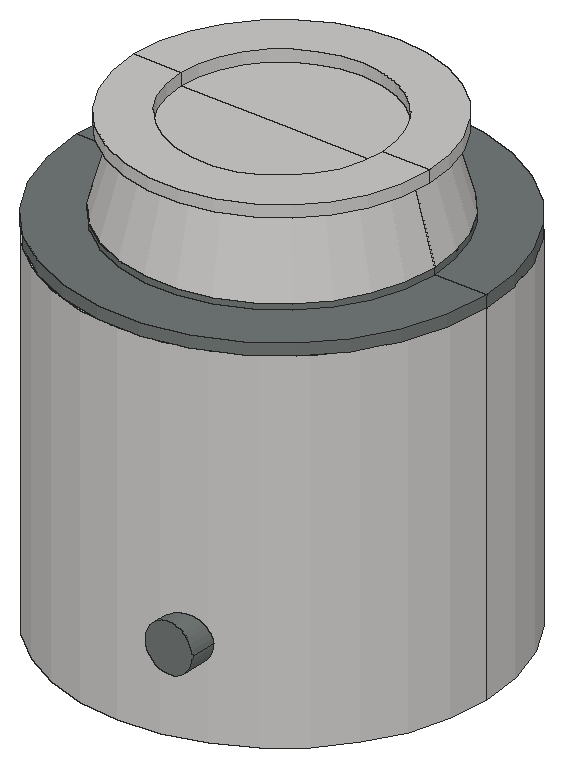
Revit family "QF_Vollrath 72430", category Specialty Equipment, Revit 2016
Family settings
  Part Type = Normal
  Round Connector Dimension = Use Diameter
  OmniClass Number = 23.40.40.11.21
  OmniClass Title = Hot Cabinets
  Work Plane-Based = No
  Always vertical = Yes
  Cut with Voids When Loaded = No
  Shared = No
  Room Calculation Point = No
Parameters (values of type "--")
  Width = 8.75"
  Weight in Pounds = 7.32
  Watts = 1450 W
  Watermarked By = "http://revitwatermark.com"
  Volts = 120 V
  URL Cutsheet = ""
  URL = "www.vollrathco.com"
  Status [instance] = ""
  Specification by User [instance] = ""
  Specification by Manufacturer = ""
  Serial Number [instance] = ""
  Seismic Rating [instance] = ""
  SMACNA No [instance] = ""
  Revision Code [instance] = ""
  Phase = 1
  Number of Poles [instance] = 1
  NAFEM Spec ID Number [instance] = ""
  Model = "72430"
  Masterspec = ""
  Manufacturer = "Vollrath"
  Item Number [instance] = ""
  Installed By [instance] = ""
  Height AFF [instance] = 18.75"
  Height [instance] = 7.88"
  Furnished By [instance] = ""
  Foodservice Equipment Identifier [instance] = yes
  FL Amps = 12 A
  Electrical Remarks [instance] = ""
  Electric Connection Type [instance] = ""
  Elec Conn RI Height [instance] = 0.00"
  Elec Conn Connection Height = 2.00"
  Description = "Warmer, Food Electric"
  Depth = 8.75"
  Cycle = 60 Hz
  Conn Plug = "NEMA 5-20P"
  CSI MasterFormat = "11 42 13"
  Assembly Code = "E1090320"
  Apparent Power = if(Phase = 3, Volts * FL Amps * 1.73, Volts * FL Amps)  # 1440 VA
Reference planes (in)
  plane 1: z = 0
  plane 2 "LEFT": x = 48
  plane 3 "BACK": y = -48
  plane 4 "BOTTOM": z = 18.75
  plane 5 "RIGHT": x = 56.75
  plane 6 "FRONT": y = -56.75
  plane 7: z = 26.5796
  plane 8 "TOP": z = 26.63
  plane 9: x = 58.52988
  plane 10: x = 50.8266
  plane 11: x = 50.99693
  plane 12: y = -65.45189
  plane 13: y = -65.50549
  plane 14: y = -66.38049
  plane 15: y = -66.44549
  plane 16: x = 56.69695
  plane 17: x = 52.375
  plane 18 "123": y = -52.375
Forms (in)
  Extrusion 1, solid, material "QF_Finishes_Stainless Steel", not visible
    sketch origin (0, -75.61667, 13.94238) x (-1, 0, 0) y (0, 0.422618, 0.906308)
      loop
        line (-61.50401, 16.83949) -> (-49.55058, 16.83949) -> (-49.55058, 21.54291) -> (-61.50401, 21.54291) -> (-61.50401, 16.83949)
      loop
        circle (-51.11798, 19.07879) r 1.25
      loop
        circle (-51.11798, 19.07879) r 1
      loop
        line (-54.03077, 21.06689) -> (-57.03077, 21.06689) -> (-57.03077, 20.31689) -> (-54.03077, 20.31689) -> (-54.03077, 21.06689)
      loop
        circle (-54.03077, 17.5068) r 0.25
      loop
        circle (-56.78077, 17.5068) r 0.25
    from 0 to 0.68909
  Extrusion 2, solid, material "QF_Finishes_Black", not visible
    sketch origin (0, -75.54289, 2.05167) x (-1, 0, 0) y (0, 0.422618, 0.906308)
      loop
        circle (-51.11798, 29.82425) r 1.25
      loop
        circle (-51.11798, 29.82425) r 1
    from -5.0921 to -4.40301
  Extrusion 3, solid, material "QF_Finishes_Black", not visible
    sketch origin (0, -75.78725, 14.03463) x (-1, 0, 0) y (0, 0.406737, 0.913545)
      loop
        line (-57.03077, 21.03676) -> (-57.03077, 20.35703) -> (-54.03077, 20.35703) -> (-54.03077, 21.03676) -> (-57.03077, 21.03676)
      loop
        circle (-54.03077, 17.5068) r 0.25
      loop
        circle (-56.78077, 17.5068) r 0.25
    from 0.54411 to 1.25
  Extrusion 4, solid, material "QF_Finishes_Dark Grey", not visible
    sketch origin (0, -70.09177, 5.66795) x (-1, 0, 0) y (0, 0.422618, 0.906308)
      loop
        circle (-52.11896, 26.29929) r 0.25
      loop
        circle (-53.36896, 26.29929) r 0.25
      loop
        circle (-54.61896, 26.29929) r 0.25
      loop
        circle (-55.86896, 26.29929) r 0.25
      loop
        circle (-57.11896, 26.29929) r 0.25
      loop
        circle (-58.36896, 26.29929) r 0.25
    from 7.45399 to 7.92109
  Extrusion 5, solid, material "QF_Finishes_Stainless Steel", not visible
    sketch origin (0, -61.5, 0) x (-1, 0, 0) y (0, 0, 1)
      loop
        circle (-49.14244, 32.63817) r 0.1236
    from 0 to 12
  Extrusion 6, solid, material "QF_Finishes_Stainless Steel", not visible
    sketch origin (24.25, -61.5, 0) x (-1, 0, 0) y (0, 0, 1)
      loop
        circle (-49.14244, 32.63817) r 0.1236
    from 0 to 12
  Extrusion 7, solid, material "QF_Finishes_Stainless Steel", not visible
    sketch origin (0.75781, -61.5, 0) x (-1, 0, 0) y (0, 0, 1)
      loop
        circle (-49.14244, 32.63817) r 0.1236
    from 0 to 12
  Extrusion 8, solid, material "QF_Finishes_Stainless Steel", not visible
    sketch origin (1.51562, -61.5, 0) x (-1, 0, 0) y (0, 0, 1)
      loop
        circle (-49.14244, 32.63817) r 0.1236
    from 0 to 12
  Extrusion 9, solid, material "QF_Finishes_Stainless Steel", not visible
    sketch origin (2.27344, -61.5, 0) x (-1, 0, 0) y (0, 0, 1)
      loop
        circle (-49.14244, 32.63817) r 0.1236
    from 0 to 12
  Extrusion 10, solid, material "QF_Finishes_Stainless Steel", not visible
    sketch origin (3.03125, -61.5, 0) x (-1, 0, 0) y (0, 0, 1)
      loop
        circle (-49.14244, 32.63817) r 0.1236
    from 0 to 12
  Extrusion 11, solid, material "QF_Finishes_Stainless Steel", not visible
    sketch origin (3.78906, -61.5, 0) x (-1, 0, 0) y (0, 0, 1)
      loop
        circle (-49.14244, 32.63817) r 0.1236
    from 0 to 12
  Extrusion 12, solid, material "QF_Finishes_Stainless Steel", not visible
    sketch origin (4.54687, -61.5, 0) x (-1, 0, 0) y (0, 0, 1)
      loop
        circle (-49.14244, 32.63817) r 0.1236
    from 0 to 12
  Extrusion 13, solid, material "QF_Finishes_Stainless Steel", not visible
    sketch origin (5.30469, -61.5, 0) x (-1, 0, 0) y (0, 0, 1)
      loop
        circle (-49.14244, 32.63817) r 0.1236
    from 0 to 12
  Extrusion 14, solid, material "QF_Finishes_Stainless Steel", not visible
    sketch origin (6.0625, -61.5, 0) x (-1, 0, 0) y (0, 0, 1)
      loop
        circle (-49.14244, 32.63817) r 0.1236
    from 0 to 12
  Extrusion 15, solid, material "QF_Finishes_Stainless Steel", not visible
    sketch origin (6.82031, -61.5, 0) x (-1, 0, 0) y (0, 0, 1)
      loop
        circle (-49.14244, 32.63817) r 0.1236
    from 0 to 12
  Extrusion 16, solid, material "QF_Finishes_Stainless Steel", not visible
    sketch origin (7.57812, -61.5, 0) x (-1, 0, 0) y (0, 0, 1)
      loop
        circle (-49.14244, 32.63817) r 0.1236
    from 0 to 12
  Extrusion 17, solid, material "QF_Finishes_Stainless Steel", not visible
    sketch origin (8.33594, -61.5, 0) x (-1, 0, 0) y (0, 0, 1)
      loop
        circle (-49.14244, 32.63817) r 0.1236
    from 0 to 12
  Extrusion 18, solid, material "QF_Finishes_Stainless Steel", not visible
    sketch origin (9.09375, -61.5, 0) x (-1, 0, 0) y (0, 0, 1)
      loop
        circle (-49.14244, 32.63817) r 0.1236
    from 0 to 12
  Extrusion 19, solid, material "QF_Finishes_Stainless Steel", not visible
    sketch origin (9.85156, -61.5, 0) x (-1, 0, 0) y (0, 0, 1)
      loop
        circle (-49.14244, 32.63817) r 0.1236
    from 0 to 12
  Extrusion 20, solid, material "QF_Finishes_Stainless Steel", not visible
    sketch origin (10.60937, -61.5, 0) x (-1, 0, 0) y (0, 0, 1)
      loop
        circle (-49.14244, 32.63817) r 0.1236
    from 0 to 12
  Extrusion 21, solid, material "QF_Finishes_Stainless Steel", not visible
    sketch origin (11.36719, -61.5, 0) x (-1, 0, 0) y (0, 0, 1)
      loop
        circle (-49.14244, 32.63817) r 0.1236
    from 0 to 12
  Extrusion 22, solid, material "QF_Finishes_Stainless Steel", not visible
    sketch origin (12.125, -61.5, 0) x (-1, 0, 0) y (0, 0, 1)
      loop
        circle (-49.14244, 32.63817) r 0.1236
    from 0 to 12
  Extrusion 23, solid, material "QF_Finishes_Stainless Steel", not visible
    sketch origin (12.88281, -61.5, 0) x (-1, 0, 0) y (0, 0, 1)
      loop
        circle (-49.14244, 32.63817) r 0.1236
    from 0 to 12
  Extrusion 24, solid, material "QF_Finishes_Stainless Steel", not visible
    sketch origin (13.64062, -61.5, 0) x (-1, 0, 0) y (0, 0, 1)
      loop
        circle (-49.14244, 32.63817) r 0.1236
    from 0 to 12
  Extrusion 25, solid, material "QF_Finishes_Stainless Steel", not visible
    sketch origin (14.39844, -61.5, 0) x (-1, 0, 0) y (0, 0, 1)
      loop
        circle (-49.14244, 32.63817) r 0.1236
    from 0 to 12
  Extrusion 26, solid, material "QF_Finishes_Stainless Steel", not visible
    sketch origin (15.15625, -61.5, 0) x (-1, 0, 0) y (0, 0, 1)
      loop
        circle (-49.14244, 32.63817) r 0.1236
    from 0 to 12
  Extrusion 27, solid, material "QF_Finishes_Stainless Steel", not visible
    sketch origin (15.91406, -61.5, 0) x (-1, 0, 0) y (0, 0, 1)
      loop
        circle (-49.14244, 32.63817) r 0.1236
    from 0 to 12
  Extrusion 28, solid, material "QF_Finishes_Stainless Steel", not visible
    sketch origin (16.67187, -61.5, 0) x (-1, 0, 0) y (0, 0, 1)
      loop
        circle (-49.14244, 32.63817) r 0.1236
    from 0 to 12
  Extrusion 29, solid, material "QF_Finishes_Stainless Steel", not visible
    sketch origin (17.42969, -61.5, 0) x (-1, 0, 0) y (0, 0, 1)
      loop
        circle (-49.14244, 32.63817) r 0.1236
    from 0 to 12
  Extrusion 30, solid, material "QF_Finishes_Stainless Steel", not visible
    sketch origin (18.1875, -61.5, 0) x (-1, 0, 0) y (0, 0, 1)
      loop
        circle (-49.14244, 32.63817) r 0.1236
    from 0 to 12
  Extrusion 31, solid, material "QF_Finishes_Stainless Steel", not visible
    sketch origin (18.94531, -61.5, 0) x (-1, 0, 0) y (0, 0, 1)
      loop
        circle (-49.14244, 32.63817) r 0.1236
    from 0 to 12
  Extrusion 32, solid, material "QF_Finishes_Stainless Steel", not visible
    sketch origin (19.70312, -61.5, 0) x (-1, 0, 0) y (0, 0, 1)
      loop
        circle (-49.14244, 32.63817) r 0.1236
    from 0 to 12
  Extrusion 33, solid, material "QF_Finishes_Stainless Steel", not visible
    sketch origin (20.46094, -61.5, 0) x (-1, 0, 0) y (0, 0, 1)
      loop
        circle (-49.14244, 32.63817) r 0.1236
    from 0 to 12
  Extrusion 34, solid, material "QF_Finishes_Stainless Steel", not visible
    sketch origin (21.21875, -61.5, 0) x (-1, 0, 0) y (0, 0, 1)
      loop
        circle (-49.14244, 32.63817) r 0.1236
    from 0 to 12
  Extrusion 35, solid, material "QF_Finishes_Stainless Steel", not visible
    sketch origin (21.97656, -61.5, 0) x (-1, 0, 0) y (0, 0, 1)
      loop
        circle (-49.14244, 32.63817) r 0.1236
    from 0 to 12
  Extrusion 36, solid, material "QF_Finishes_Stainless Steel", not visible
    sketch origin (22.73437, -61.5, 0) x (-1, 0, 0) y (0, 0, 1)
      loop
        circle (-49.14244, 32.63817) r 0.1236
    from 0 to 12
  Extrusion 37, solid, material "QF_Finishes_Stainless Steel", not visible
    sketch origin (23.49219, -61.5, 0) x (-1, 0, 0) y (0, 0, 1)
      loop
        circle (-49.14244, 32.63817) r 0.1236
    from 0 to 12
  Extrusion 38, solid, material "QF_Finishes_Stainless Steel", not visible
    sketch origin (0, -63.31853, -5.50809) x (1, 0, 0) y (0, 0.5, 0.866025)
      loop
        line (51.72615, 27.93) -> (51.72615, 25.68) -> (67.6666, 25.68) -> (67.6666, 27.93) -> (51.72615, 27.93)
      loop
        line (51.88615, 27.77623) -> (51.88615, 25.78901) -> (67.52615, 25.78901) -> (67.52615, 27.77623) -> (51.88615, 27.77623)
    from 18.14569 to 18.5
  Extrusion 39, solid, material "QF_Finishes_Chrome", not visible
    sketch origin (0, -63.31853, -5.50809) x (1, 0, 0) y (0, 0.5, 0.866025)
      loop
        line (51.72615, 27.77623) -> (51.72615, 25.78901) -> (67.52615, 25.78901) -> (67.52615, 27.77623) -> (51.72615, 27.77623)
      loop
        line (51.89648, 27.66901) -> (51.89648, 25.91901) -> (67.36947, 25.91901) -> (67.36947, 27.66901) -> (51.89648, 27.66901)
    from 18.14569 to 18.5
  Extrusion 40, solid, material "QF_Finishes_Stainless Steel", not visible
    sketch origin (3, -63.31853, -5.50809) x (1, 0, 0) y (0, 0.5, 0.866025)
      loop
        line (55.07331, 27.05441) -> (55.07331, 26.55441) -> (56.82331, 26.55441) -> (56.82331, 27.05441) -> (55.07331, 27.05441)
      loop
        circle (53.94695, 26.80981) r 0.25
      loop
        circle (57.87771, 26.79276) r 0.25
      loop
        circle (59.12771, 26.79276) r 0.25
    from 18.14569 to 18.5
  Extrusion 41, solid, material "QF_Finishes_Stainless Steel", not visible
    sketch origin (0, -63.31853, -5.50809) x (1, 0, 0) y (0, 0.5, 0.866025)
      loop
        circle (56.94695, 26.80981) r 0.25
      loop
        circle (60.87771, 26.79276) r 0.25
      loop
        line (58.07331, 27.05441) -> (58.07331, 26.55441) -> (59.82331, 26.55441) -> (59.82331, 27.05441) -> (58.07331, 27.05441)
      loop
        circle (62.12771, 26.79276) r 0.25
    from 18.14569 to 18.5
  Extrusion 42, solid, material "QF_Finishes_Dark Grey", not visible
    sketch origin (0, -63.81619, -5.29253) x (1, 0, 0) y (0, 0.5, 0.866025)
      loop
        line (51.72615, 25.98116) -> (67.36947, 25.98116) -> (67.36947, 27.73116) -> (51.72615, 27.73116) -> (51.72615, 25.98116)
      loop
        circle (62.11833, 26.8549) r 0.25
      loop
        circle (60.86833, 26.8549) r 0.25
      loop
        line (59.81393, 26.61655) -> (59.81393, 27.11655) -> (58.06393, 27.11655) -> (58.06393, 26.61655) -> (59.81393, 26.61655)
      loop
        circle (56.93757, 26.87196) r 0.25
    from 17.96123 to 17.60693
  Revolve 43, solid, material "QF_Finishes_Stainless Steel"
    sketch origin (0, -52.375, 0) x (1, 0, 0) y (0, 0, 1)
      loop
        line (52.375, 18.75) -> (56.75, 18.75) -> (56.75, 26.255) -> (56.10048, 26.255) -> (56.10048, 19.31933) -> (52.375, 19.31933) -> (52.375, 18.75)
      axis (52.375, 18.75) -> (52.375, 26.255)
    angle from 0 to 360
  Revolve 44, solid, material "QF_Finishes_Black"
    sketch origin (0, -52.375, 0) x (-1, 0, 0) y (0, 0, 1)
      loop
        line (-55.25, 26.255) -> (-55.25, 26.63) -> (-55.63373, 26.63) -> (-55.63373, 26.505) -> (-56.75, 26.505) -> (-56.75, 26.255) -> (-55.25, 26.255)
      axis (-52.375, 26.255) -> (-52.375, 26.63)
    angle from 0 to 360
  Extrusion 45, solid, material "QF_Finishes_Black"
    sketch origin (0, -48, 0) x (1, 0, 0) y (0, 0, 1)
      loop
        circle (53.61592, 20.65167) r 0.5
    from 8.3798 to 8.94097
  Revolve 46, solid, material "QF_Finishes_Stainless Steel"
    sketch origin (0, -52.375, 0) x (-1, 0, 0) y (0, 0, 1)
      loop
        line (-55.63373, 26.63) -> (-52.375, 26.63) -> (-52.375, 28.21468) -> (-54.52845, 28.21468) -> (-54.52845, 28.46468) -> (-55.52845, 28.46468) -> (-55.52845, 28.21468) -> (-55.17933, 28.21468) -> (-55.63373, 26.63)
      axis (-52.375, 26.63) -> (-52.375, 28.46468)
    angle from 0 to 360
Lines and regions (in)
  symbolic lines
    curve 1: arc (56.75, -52.375, 0) -> (52.375, -48, 0) -> (48, -52.375, 0) r 4.375
    curve 2: arc (56.10048, -52.375, 0) -> (52.375, -48.64952, 0) -> (48.64952, -52.375, 0) r 3.72548
    curve 3: arc (48.64952, -52.375, 0) -> (52.375, -56.10048, 0) -> (56.10048, -52.375, 0) r 3.72548
    curve 4: arc (48, -52.375, 0) -> (52.375, -56.75, 0) -> (56.75, -52.375, 0) r 4.375
    curve 5: arc (50.22155, -52.375, 0) -> (52.375, -50.22155, 0) -> (54.52845, -52.375, 0) r 2.15345
    curve 6: arc (54.52845, -52.375, 0) -> (52.375, -54.52845, 0) -> (50.22155, -52.375, 0) r 2.15345
Dimensions and locks (in)
  "Height AFF": plane 4 "BOTTOM" to level
  "Depth": plane 6 "FRONT" to plane 3 "BACK"
  "Height": plane 8 "TOP" to plane 4 "BOTTOM"
  equal spacing: plane 6 "FRONT", plane 18 "123", plane 3 "BACK"
  equal spacing: plane 2 "LEFT", plane 17, plane 5 "RIGHT"
  "Width": plane 2 "LEFT" to plane 5 "RIGHT"
  aligned and locked: level to plane 1
  aligned and locked: Extrusion 2 sketch curve to Extrusion 1  (x4)
  aligned and locked: Extrusion 39 sketch curve to Extrusion 38
  aligned and locked: Extrusion 38 to Extrusion 39 sketch curve
  aligned and locked: Extrusion 41 sketch curve to Extrusion 40  (x2)
  aligned and locked: Extrusion 39 to Extrusion 42 sketch curve
  aligned and locked: Extrusion 42 sketch curve to Extrusion 39
  aligned and locked: Extrusion 41 to Extrusion 42 sketch curve
  aligned and locked: Extrusion 42 sketch curve to Extrusion 41
  aligned and locked: Extrusion 42 to Extrusion 39
  aligned and locked: Extrusion 39 to plane 15
  aligned and locked: Extrusion 42 to plane 14
  aligned and locked: plane 12 to Extrusion 39
  aligned and locked: plane 13 to Extrusion 42
Automatic sketch dimensions
  Extrusion 1 sketch curve to Extrusion 1 sketch curve = 0.00"  (x5)
  Extrusion 1 sketch curve to Extrusion 1 sketch curve = 4.47324"
  Extrusion 1 sketch curve to Extrusion 1 sketch curve = 0.25"
  Extrusion 1 sketch curve to Extrusion 1 sketch curve = 3.00"
  Extrusion 1 sketch curve to Extrusion 1 sketch curve = 2.75"
  Extrusion 1 sketch curve to Extrusion 1 sketch curve = 1.56739"
  Extrusion 1 sketch curve to Extrusion 1 sketch curve = 0.66732"
  Extrusion 1 sketch curve to Extrusion 1 sketch curve = 2.2393"
  Extrusion 1 sketch curve to Extrusion 1 sketch curve = 2.81008"
  Extrusion 1 sketch curve to Extrusion 1 sketch curve = 0.75"
  Extrusion 3 sketch curve to Extrusion 3 sketch curve = 3.00"
  Extrusion 1 sketch curve to Extrusion 1 sketch curve = 2.46412"
  Extrusion 3 sketch curve to Extrusion 3 sketch curve = 0.00"  (x6)
  Extrusion 3 sketch curve to Extrusion 3 sketch curve = 0.25"  (x2)
  Extrusion 3 sketch curve to Extrusion 3 sketch curve = 2.25"
  Extrusion 3 sketch curve to Extrusion 3 sketch curve = 2.85023"
  Extrusion 3 sketch curve to Extrusion 3 sketch curve = 0.67973"
  Extrusion 1 sketch curve to Extrusion 1 sketch curve = 2.9128"
  Extrusion 4 sketch curve to Extrusion 4 sketch curve = 1.25"  (x5)
  Extrusion 4 sketch curve to Extrusion 4 sketch curve = 0.00"  (x5)
  Extrusion 38 sketch curve to Extrusion 38 sketch curve = 0.10901"
  Extrusion 38 sketch curve to Extrusion 38 sketch curve = 1.98721"
  Extrusion 38 sketch curve to Extrusion 38 sketch curve = 0.15377"
  Extrusion 39 sketch curve to Extrusion 39 sketch curve = 0.17033"
  Extrusion 39 sketch curve to Extrusion 39 sketch curve = 0.13"
  Extrusion 39 sketch curve to Extrusion 39 sketch curve = 0.10721"
  Extrusion 40 sketch curve to Extrusion 40 sketch curve = 1.12636"
  Extrusion 40 sketch curve to Extrusion 40 sketch curve = 1.75"
  Extrusion 40 sketch curve to Extrusion 40 sketch curve = 1.0544"
  Extrusion 40 sketch curve to Extrusion 40 sketch curve = 1.25"
  Extrusion 40 sketch curve to Extrusion 40 sketch curve = 0.23835"
  Extrusion 40 sketch curve to Extrusion 40 sketch curve = 0.00"
  Extrusion 40 sketch curve to Extrusion 40 sketch curve = 0.25541"
  Extrusion 40 sketch curve to Extrusion 40 sketch curve = 0.50"
  Extrusion 38 sketch curve to Extrusion 38 sketch curve = 0.16"
  Extrusion 38 sketch curve to Extrusion 38 sketch curve = 15.64"
  Extrusion 38 sketch curve to Extrusion 38 sketch curve = 0.14045"
  Extrusion 39 sketch curve to Extrusion 39 sketch curve = 15.473"
  Extrusion 39 sketch curve to Extrusion 39 sketch curve = 0.15668"
  Extrusion 42 sketch curve to Extrusion 42 sketch curve = 4.96142"
  Extrusion 42 sketch curve to Extrusion 42 sketch curve = 5.00115"
  Extrusion 42 sketch curve to plane 9 = 0.46596"
  Extrusion 42 sketch curve to Extrusion 42 sketch curve = 0.8044"
  Extrusion 42 sketch curve to Extrusion 42 sketch curve = 0.87636"
  Extrusion 42 sketch curve to Extrusion 42 sketch curve = 0.25"  (x3)
  plane 9 to Extrusion 42 sketch curve = 1.28404"
  Extrusion 42 sketch curve to Extrusion 42 sketch curve = 0.75"
  Extrusion 42 sketch curve to Extrusion 42 sketch curve = 0.23835"
  Extrusion 42 sketch curve to Extrusion 42 sketch curve = 0.00"
  Extrusion 42 sketch curve to Extrusion 42 sketch curve = 0.24459"
  Extrusion 41 sketch curve to plane 9 = 0.45657"
  Extrusion 41 sketch curve to Extrusion 41 sketch curve = 0.8044"
  Extrusion 41 sketch curve to Extrusion 41 sketch curve = 0.00"  (x7)
  Extrusion 41 sketch curve to Extrusion 41 sketch curve = 0.87636"
  Extrusion 41 sketch curve to Extrusion 41 sketch curve = 0.25"  (x3)
  plane 9 to Extrusion 41 sketch curve = 1.29343"
  Extrusion 41 sketch curve to Extrusion 41 sketch curve = 0.75"
  Extrusion 41 sketch curve to Extrusion 41 sketch curve = 0.23835"
  Extrusion 41 sketch curve to Extrusion 41 sketch curve = 0.24459"
  curve 1 to curve 2 = 0.00"
  curve 1 to curve 3 = 0.00"
  curve 1 to plane 2 "LEFT" = 0.00"
  curve 3 to plane 18 "123" = 0.00"
  curve 3 to plane 17 = 0.00"
  plane 2 "LEFT" to curve 3 = 0.64952"
  Revolve 43 sketch curve to plane 4 "BOTTOM" = 0.00"
  Revolve 43 sketch curve to plane 17 = 0.00"  (x2)
  Revolve 43 sketch curve to plane 5 "RIGHT" = 0.00"
  Revolve 43 sketch curve to plane 5 "RIGHT" = 0.64952"
  Revolve 43 sketch curve to plane 4 "BOTTOM" = 1.50"
  plane 4 "BOTTOM" to Revolve 43 sketch curve = 0.56933"
  Revolve 43 sketch curve to plane 8 "TOP" = 0.375"
  plane 8 "TOP" to Revolve 43 sketch curve = 1.50"
  Revolve 44 sketch curve to plane 5 "RIGHT" = 0.00"
  Revolve 44 sketch curve to plane 8 "TOP" = 0.00"
  Revolve 44 sketch curve to plane 17 = 0.00"
  Revolve 44 sketch curve to plane 8 "TOP" = 0.125"
  Revolve 44 sketch curve to Revolve 44 sketch curve = 1.11627"
  Revolve 44 sketch curve to Revolve 44 sketch curve = 0.38373"
  Revolve 44 sketch curve to Revolve 44 sketch curve = 0.25"
  Revolve 44 sketch curve to plane 8 "TOP" = 1.375"
  plane 8 "TOP" to Revolve 44 sketch curve = 1.375"
  plane 17 to Extrusion 45 sketch curve = 1.24092"
  plane 4 "BOTTOM" to Extrusion 45 sketch curve = 1.90167"
  Revolve 46 sketch curve to plane 8 "TOP" = 0.00"
  Revolve 46 sketch curve to plane 17 = 0.00"  (x2)
  plane 17 to Revolve 46 sketch curve = 2.15345"
  Revolve 46 sketch curve to Revolve 46 sketch curve = 0.65088"
  Revolve 46 sketch curve to Revolve 46 sketch curve = 0.34912"
  Revolve 46 sketch curve to plane 5 "RIGHT" = 1.11627"
  Revolve 46 sketch curve to plane 8 "TOP" = 1.25"
  plane 8 "TOP" to Revolve 46 sketch curve = 1.58468"
  Revolve 46 sketch curve to Revolve 46 sketch curve = 0.00"
  Revolve 46 sketch curve to Revolve 46 sketch curve = 0.25"
  Revolve 46 sketch curve to Revolve 46 sketch curve = 1.91532"
  curve 1 to curve 5 = 0.00"  (x2)
  curve 2 to curve 6 = 1.57203"
  radius of Extrusion 1 sketch curve = 1.25"
  radius of Extrusion 1 sketch curve = 1.00"
  radius of Extrusion 1 sketch curve = 0.25"  (x2)
  radius of Extrusion 4 sketch curve = 0.25"  (x6)
  radius of Extrusion 5 sketch curve = 0.1236"
  radius of Extrusion 6 sketch curve = 0.1236"
  radius of Extrusion 7 sketch curve = 0.1236"
  radius of Extrusion 8 sketch curve = 0.1236"
  radius of Extrusion 9 sketch curve = 0.1236"
  radius of Extrusion 10 sketch curve = 0.1236"
  radius of Extrusion 11 sketch curve = 0.1236"
  radius of Extrusion 12 sketch curve = 0.1236"
  radius of Extrusion 13 sketch curve = 0.1236"
  radius of Extrusion 14 sketch curve = 0.1236"
  radius of Extrusion 15 sketch curve = 0.1236"
  radius of Extrusion 16 sketch curve = 0.1236"
  radius of Extrusion 17 sketch curve = 0.1236"
  radius of Extrusion 18 sketch curve = 0.1236"
  radius of Extrusion 19 sketch curve = 0.1236"
  radius of Extrusion 20 sketch curve = 0.1236"
  radius of Extrusion 21 sketch curve = 0.1236"
  radius of Extrusion 22 sketch curve = 0.1236"
  radius of Extrusion 23 sketch curve = 0.1236"
  radius of Extrusion 24 sketch curve = 0.1236"
  radius of Extrusion 25 sketch curve = 0.1236"
  radius of Extrusion 26 sketch curve = 0.1236"
  radius of Extrusion 27 sketch curve = 0.1236"
  radius of Extrusion 28 sketch curve = 0.1236"
  radius of Extrusion 29 sketch curve = 0.1236"
  radius of Extrusion 30 sketch curve = 0.1236"
  radius of Extrusion 31 sketch curve = 0.1236"
  radius of Extrusion 32 sketch curve = 0.1236"
  radius of Extrusion 33 sketch curve = 0.1236"
  radius of Extrusion 34 sketch curve = 0.1236"
  radius of Extrusion 35 sketch curve = 0.1236"
  radius of Extrusion 36 sketch curve = 0.1236"
  radius of Extrusion 37 sketch curve = 0.1236"
  radius of Extrusion 40 sketch curve = 0.25"  (x3)
  radius of Extrusion 45 sketch curve = 0.50"
